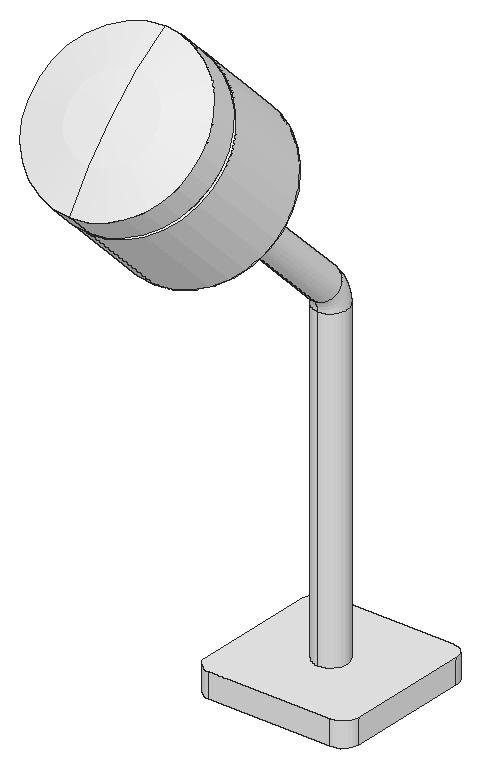
Revit family "Showerhead-Multifunction-DXV-Rem-D35100775_Series", category Plumbing Fixtures, host Face, Revit 2014
Parameters (values of type "D35100775.100")
  Width = 3 5/16"
  Waste Connection = no
  WFU = 4
  Vent Connection = no
  URL = "www.dxv.com"
  Type Comments = ""
  Tempered Water Connection Radius = 1/4"
  Tempered Water Connection Diameter = Tempered Water Connection Radius * 2  # 1/2"
  Product Page URL = "https://www.dxv.com/product/rem-multifunction-showerhead-by-dxv"
  Product Documentation Link = "https://dxv01.blob.core.windows.net/dxv-product-pdf-files/spec_D35100775_DXV_Rem_shwhead_EN.pdf"
  Price = "Prices may vary. Please consult Manufacturer Representative for most up-to-date price list."  # constant formula
  Model = "D35100775.100"
  Material = "Metal-DXV-100-Polished Chrome"
  Manufacturer = "DXV"
  Length = 9 3/4"
  Installation Type = "Wall Mounted"
  Hot Water Connection Radius = 1/4"
  Hot Water Connection Diameter = Hot Water Connection Radius * 2  # 1/2"
  Height = 5 7/16"
  HWFU = 3
  HW Connection = yes
  Flow Rate = "2.0 GPM (7.6L/min)"
  Description = "Multi Function Self Cleaning Showerhead"  # constant formula
  Default Elevation = 68"  # constant formula
  Creation Date = "17/2/2014"  # constant formula
  Cold Water Connection Radius = 1/4"
  Cold Water Connection Diameter = Cold Water Connection Radius * 2  # 1/2"
  CalGreen Compliant = yes
  CWFU = 2
  CW Connection = yes
  Assembly Code = "D2010710"
Types (3): name | Model | Material
  (no name) | "D35100775.100" | "Metal-DXV-100-Polished Chrome"
  D35100775.100 | "D35100775.100" | "Metal-DXV-100-Polished Chrome"
  D35100775.144 | "D35100775.144" | "Metal-DXV-144-Brushed Nickel"
Reference planes (in)
  plane 1 "Center (Front/Back)": y = 0
  plane 2: z = 0
  plane 3 "Center (Left/Right)": x = 0
  plane 4: z = 0.375
  plane 5: z = 9.75
  plane 6: z = -0.625
  plane 7: y = -4.25
  plane 8: through (0, -4.25, 9.75) normal (0, -0.7071, -0.7071)
  plane 9: y = -1.1875
  plane 10: y = 1.1875
  plane 11: y = -0.25
  plane 12: y = 0.25
  plane 13: x = 1.65625
  plane 14: x = -1.65625
  plane 15: through (0, -4.47899, 9.97871) normal (0, 0.7071, 0.7071)
  plane 16: through (0, -3.55091, 10.90679) normal (0, 0.7071, 0.7071)
Forms (in)
  Revolve 1, solid, material "Metal-DXV-100-Polished Chrome"
    sketch origin (0, -5.7234, -15.70631) x (0, 0.707107, -0.707107) y (0, 0.707107, 0.707107)
      loop
        line (-14.46584, 20.35449) -> (-16.20712, 20.35449) -> (-16.20712, 20.30355) -> (-16.27896, 20.30355) -> (-16.27896, 20.35449) -> (-16.79309, 20.35449)
        arc (-16.79309, 20.35449) -> (-16.91685, 19.70342) -> (-16.95832, 19.04199) r 5.2955
        line (-16.95832, 19.04199) -> (-13.28212, 19.04199) -> (-13.28212, 19.3415) -> (-13.55782, 19.3415) -> (-13.60707, 19.3415)
        arc (-13.60707, 19.3415) -> (-13.62389, 19.33699) -> (-13.6362, 19.32468) r 0.03364
        line (-13.6362, 19.32468) -> (-13.72233, 19.23855)
        arc (-13.72233, 19.23855) -> (-13.77122, 19.2183) -> (-13.82011, 19.23855) r 0.06914
        line (-13.82011, 19.23855) -> (-13.82011, 19.60886)
        arc (-13.82011, 19.60886) -> (-13.83841, 19.65306) -> (-13.88261, 19.67136) r 0.0625
        line (-13.88261, 19.67136) -> (-14.40334, 19.67136) -> (-14.40334, 20.29199)
        arc (-14.40334, 20.29199) -> (-14.42164, 20.33618) -> (-14.46584, 20.35449) r 0.0625
      axis (-13.28212, 19.04199) -> (-16.95832, 19.04199)
    angle from 0 to 360
  Sweep 2, solid, material "Metal-DXV-100-Polished Chrome"
    path origin (0, 0, 0) x (0, 1, 0) y (0, 0, 1)
      loop
        line (0, 0.375) -> (0, 5.29262)
        arc (0, 5.29262) -> (-0.03806, 5.48396) -> (-0.14645, 5.64617) r 0.5
        line (-0.14645, 5.64617) -> (-1.65056, 7.15029)
    profile origin (0, 0, 2.83381) x (0, -1, 0) y (1, 0, 0)
      loop
        circle (0, 0) r 0.25
  Extrusion 3, solid, material "Metal-DXV-100-Polished Chrome"
    sketch origin (0, 0, 0) x (1, 0, 0) y (0, 1, 0)
      loop
        circle (0, 0) r 0.25
    from 0 to -0.625
  Extrusion 4, solid, material "Metal-DXV-100-Polished Chrome"
    sketch origin (0, 0, 0) x (1, 0, 0) y (0, 1, 0)
      loop
        arc (-0.9375, 1.1875) -> (-1.11428, 1.11428) -> (-1.1875, 0.9375) r 0.25
        line (-1.1875, 0.9375) -> (-1.1875, -0.9375)
        arc (-1.1875, -0.9375) -> (-1.11428, -1.11428) -> (-0.9375, -1.1875) r 0.25
        line (-0.9375, -1.1875) -> (0.9375, -1.1875)
        arc (0.9375, -1.1875) -> (1.11428, -1.11428) -> (1.1875, -0.9375) r 0.25
        line (1.1875, -0.9375) -> (1.1875, 0.9375)
        arc (1.1875, 0.9375) -> (1.11428, 1.11428) -> (0.9375, 1.1875) r 0.25
        line (0.9375, 1.1875) -> (-0.9375, 1.1875)
    from 0 to 0.375
Cuts and joins
  joined: Sweep 2, Extrusion 4
Lines and regions (in)
  Masking region 1
    outline origin (0, 0, 0) x (1, 0, 0) y (0, 0, 1)
      loop
        spline (0, 10.56099) -> (-0.17132, 10.55305) -> (-0.3397, 10.52937) -> (-0.50227, 10.49035) -> (-0.65625, 10.43665) -> (-0.799, 10.36921) -> (-0.92808, 10.28917) -> (-1.04128, 10.19789) -> (-1.13666, 10.09695) -> (-1.21259, 9.98808) -> (-1.26778, 9.87312) -> (-1.30127, 9.75405) -> (-1.3125, 9.63292)
        line (-1.3125, 9.63292) -> (-1.3125, 7.98686)
        spline (-1.3125, 7.98686) -> (-1.30408, 7.88032) -> (-1.27892, 7.77515) -> (-1.23736, 7.67269) -> (-1.17992, 7.57427) -> (-1.10733, 7.48113) -> (-1.02054, 7.39449) -> (-0.92065, 7.31545) -> (-0.80895, 7.24503) -> (-0.68687, 7.18412) -> (-0.55598, 7.13351) -> (-0.41795, 7.09386) -> (-0.27456, 7.06566)
        spline (-0.27456, 7.06566) -> (-0.27281, 7.06289) -> (-0.27101, 7.06013) -> (-0.26916, 7.05739) -> (-0.26725, 7.05467) -> (-0.26528, 7.05198) -> (-0.26326, 7.0493) -> (-0.26119, 7.04664) -> (-0.25906, 7.044) -> (-0.25688, 7.04139) -> (-0.25464, 7.03879) -> (-0.25236, 7.03623) -> (-0.25002, 7.03368)
        line (-0.25002, 7.03368) -> (-0.25002, 0.375) -> (-1.1875, 0.375) -> (-1.1875, 0) -> (1.1875, 0) -> (1.1875, 0.375) -> (0.25002, 0.375) -> (0.25002, 7.03368)
        spline (0.25002, 7.03368) -> (0.25236, 7.03623) -> (0.25464, 7.03879) -> (0.25688, 7.04139) -> (0.25906, 7.044) -> (0.26119, 7.04664) -> (0.26326, 7.0493) -> (0.26528, 7.05198) -> (0.26725, 7.05467) -> (0.26916, 7.05739) -> (0.27101, 7.06013) -> (0.27281, 7.06289) -> (0.27456, 7.06566)
        spline (0.27456, 7.06566) -> (0.41795, 7.09386) -> (0.55598, 7.13351) -> (0.68687, 7.18412) -> (0.80895, 7.24503) -> (0.92065, 7.31545) -> (1.02054, 7.39449) -> (1.10733, 7.48113) -> (1.17992, 7.57427) -> (1.23736, 7.67269) -> (1.27892, 7.77515) -> (1.30408, 7.88032) -> (1.3125, 7.98686)
        line (1.3125, 7.98686) -> (1.3125, 9.63292)
        spline (1.3125, 9.63292) -> (1.30127, 9.75405) -> (1.26778, 9.87312) -> (1.21259, 9.98808) -> (1.13666, 10.09695) -> (1.04128, 10.19789) -> (0.92808, 10.28917) -> (0.799, 10.36921) -> (0.65625, 10.43665) -> (0.50227, 10.49035) -> (0.3397, 10.52937) -> (0.17132, 10.55305) -> (0, 10.56099)
  symbolic lines, style "PlumbingFixtures", detail levels medium+fine
    curve 1: line (-0.25002, 0, 0.375) -> (0.25002, 0, 0.375)
  symbolic lines, detail levels medium+fine
    curve 2: arc (0.27456, 0, 7.06566) -> (0.29423, 0, 7.11387) -> (0.29949, 0, 7.16566) r 0.18254
    curve 3: arc (0.29949, 0, 7.16566) -> (0.42689, 0, 7.23382) -> (0.53451, 0, 7.33023) r 0.60528
    curve 4: arc (0.53451, 0, 7.33023) -> (0.60103, 0, 7.43817) -> (0.62816, 0, 7.56202) r 0.37838
    curve 5: line (0.62816, 0, 7.56202) -> (0.62816, 0, 7.93619)
    curve 6: arc (0.62816, 0, 7.93619) -> (0.57412, 0, 8.13107) -> (0.42742, 0, 8.27028) r 0.37838
    curve 7: arc (0.42742, 0, 8.27028) -> (0.30329, 0, 8.32816) -> (0.17379, 0, 8.37275) r 1.30848
    curve 8: arc (0.17379, 0, 8.37275) -> (0.00907, 0, 8.38819) -> (-0.15566, 0, 8.37275) r 0.8866
    curve 9: arc (-0.15566, 0, 8.37275) -> (-0.28938, 0, 8.33603) -> (-0.41541, 0, 8.27821) r 0.85593
    curve 10: arc (-0.41541, 0, 8.27821) -> (-0.53005, 0, 8.18489) -> (-0.6065, 0, 8.05838) r 0.43188
    curve 11: arc (-0.6065, 0, 8.05838) -> (-0.62385, 0, 7.99845) -> (-0.63022, 0, 7.93639) r 0.34776
    curve 12: line (-0.63022, 0, 7.93639) -> (-0.63022, 0, 7.55336)
    curve 13: arc (-0.63022, 0, 7.55336) -> (-0.60174, 0, 7.45076) -> (-0.55425, 0, 7.35546) r 0.55671
    curve 14: arc (-0.55425, 0, 7.35546) -> (-0.4386, 0, 7.24417) -> (-0.29702, 0, 7.16857) r 0.5841
    curve 15: arc (-0.29702, 0, 7.16857) -> (-0.29457, 0, 7.1152) -> (-0.27456, 0, 7.06566) r 0.15873
  symbolic lines, detail levels fine
    curve 16: arc (1.3125, 0, 9.2625) -> (1.18167, 0, 9.66823) -> (0.87435, 0, 9.96368) r 0.87323
    curve 17: arc (0.87435, 0, 9.96368) -> (0.58855, 0, 10.09617) -> (0.28445, 0, 10.17839) r 1.85477
    curve 18: arc (0.28445, 0, 10.17839) -> (0.00559, 0, 10.20341) -> (-0.27327, 0, 10.17839) r 1.56608
    curve 19: arc (-0.27327, 0, 10.17839) -> (-0.62731, 0, 10.07601) -> (-0.9531, 0, 9.90372) r 1.80132
    curve 20: arc (-0.9531, 0, 9.90372) -> (-1.19981, 0, 9.64491) -> (-1.3125, 0, 9.30558) r 0.81772
    curve 21: arc (1.3125, 0, 9.2625) -> (1.22126, 0, 9.57307) -> (1.00623, 0, 9.81502) r 0.74028
    curve 22: arc (1.00623, 0, 9.81502) -> (0.69748, 0, 9.99596) -> (0.36042, 0, 10.11617) r 1.91139
    curve 23: arc (0.36042, 0, 10.11617) -> (0.00169, 0, 10.16103) -> (-0.35704, 0, 10.11617) r 1.45663
    curve 24: arc (-0.35704, 0, 10.11617) -> (-0.64019, 0, 10.02072) -> (-0.90555, 0, 9.88334) r 1.9601
    curve 25: arc (-0.90555, 0, 9.88334) -> (-1.16805, 0, 9.63604) -> (-1.3125, 0, 9.30558) r 0.90071
    curve 26: line (0.29949, 0, 7.16566) -> (0.29949, 0, 7.40281)
    curve 27: arc (0.29949, 0, 7.40281) -> (0.22903, 0, 7.50914) -> (0.12271, 0, 7.57959) r 0.32073
    curve 28: arc (0.12271, 0, 7.57959) -> (-0.00672, 0, 7.60482) -> (-0.13614, 0, 7.57959) r 0.34458
    curve 29: arc (-0.13614, 0, 7.57959) -> (-0.23193, 0, 7.51703) -> (-0.29702, 0, 7.42293) r 0.29745
    curve 30: line (-0.29702, 0, 7.16857) -> (-0.29702, 0, 7.42293)
    curve 31: line (0.25002, 0, 7.03368) -> (0.25002, 0, 7.15446)
    curve 32: arc (0.25002, 0, 7.15446) -> (0.22198, 0, 7.2254) -> (0.16858, 0, 7.27987) r 0.19244
    curve 33: arc (0.16858, 0, 7.27987) -> (0.12278, 0, 7.30429) -> (0.07287, 0, 7.31854) r 0.24545
    curve 34: arc (0.07287, 0, 7.31854) -> (-0.01178, 0, 7.32435) -> (-0.09582, 0, 7.31265) r 0.41059
    curve 35: line (-0.25002, 0, 7.03368) -> (-0.25002, 0, 7.15108)
    curve 36: arc (-0.25002, 0, 7.15108) -> (-0.19645, 0, 7.25432) -> (-0.09582, 0, 7.31265) r 0.20798
    curve 37: arc (0.29949, 0, 7.16566) -> (0.27003, 0, 7.2438) -> (0.20861, 0, 7.30039) r 0.18098
    curve 38: arc (0.20861, 0, 7.30039) -> (0.13671, 0, 7.33417) -> (0.06068, 0, 7.35718) r 0.54748
    curve 39: arc (0.06068, 0, 7.35718) -> (-0.00176, 0, 7.36412) -> (-0.0642, 0, 7.35718) r 0.28447
    curve 40: arc (-0.0642, 0, 7.35718) -> (-0.15889, 0, 7.32487) -> (-0.2445, 0, 7.2731) r 0.46615
    curve 41: arc (-0.2445, 0, 7.2731) -> (-0.28283, 0, 7.2269) -> (-0.29702, 0, 7.16857) r 0.13342
Dimensions and locks (in)
  plane 4 to host face = 3/8"
  locked: plane 5 to host face at 9.75
  locked: plane 10 to plane 7 at 5.4375
  locked: plane 14 to plane 13 at 3.3125
  aligned and locked: plane 2 to host face
  aligned and locked: level to host face
Connectors (in)
  piping at (0, 0, -0.625), diameter 0.5, driven by "Tempered Water Connection Radius"
    settings: on Extrusion 3, index 1, connector inside diameter 1/2", connector length 0", flow factor 0, pipe flow 2 GPM, pressure drop 0.00 psi, fitting loss kfactor 0, connector angle 0.00°, fixture units 0, engagement length 0", angle of deflection 0.00°, flow configuration 0, flow direction 1, fitting loss method 0, system type 29, joint type 0, gender type 0, connector reference index -1, connector utility 0, adjustable connector no, is connector primary yes, connector description "1/2\" NPT Supply Inlet"
